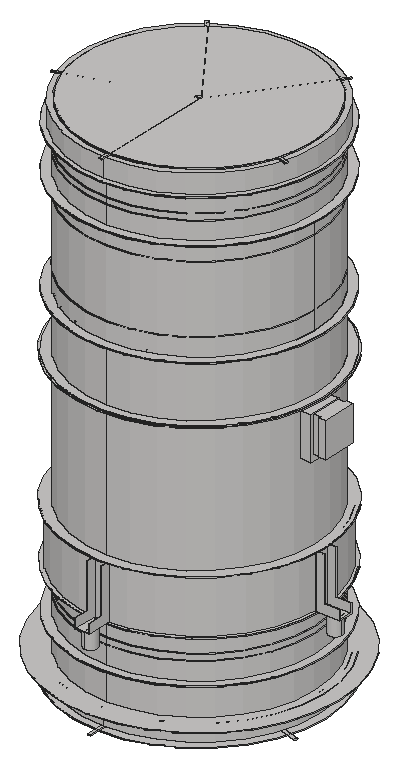
Revit family "HARMANN - REVIT - MAXEE - pionowy", category Wyposażenie mechaniczne, Revit 2025 (continued)
Types (40, lengths in mm): name | Zasilanie natężenie maksymalne Imax | Zasilanie Moc maksymalna Pmax | Zasilanie Częstotliwość Maksymalna fmax | Wysokość FSD | Wysokość FAL | Wysokość | TRA | R2 | Powietrze ciśnienie statyczne maksymalne dPmax | Powietrze Przepływ Maksymalny Qmax | Obroty nominalne nnom | Numer artykułu | N1 | Model | Moc akustyczna nominalna obudowa Lwa | Masa | MAXEE | Lookup Table Name | F | Długość TRA | Długość RVS SPR | Długość RVS | Długość RVK SPR | Długość RVK | Długość EXP od strony tłoczonej SPR | Długość EXP SPR | Długość EXP | Długość RAF SPR | Długość RAF | Długość MR | Długość MAXEE | Długość ESD SPR | Długość ESD | D2 | D | Czy Złącze Elastyczne EXP | Czy Dysza wlotowa ESD | Ciśnienie akustyczne nominalne obudowa Lpa | C | B | Akc SGE dla ESD | Akc SGE | Akc RVS | Akc RVK | Akc EXP | Akc RAF | Akc MR | Akc ESD | A
  MAXEE 315/2/5800T | 1.9 A | 1380 W | 60 Hz | 57.00 | 98.00 | 116.50 | no | 157.50 | 490.0 Pa | 5805.0 m³/h | 3460.000 obr./min | "154413400" | 2 | "MAXEE 315/2/5800T" | "75 dB(A)" | 18.50 kg | HARMANN - MAXEE : MAXEE 315/2/5800T | "MAXEE" | 396.00 | 336.00 | 383.00 | 383.00 | 233.00 | 233.00 | 120.00 | 0.00 | 120.00 | 48.00 | 48.00 | 154.00 | 383.00 | 0.00 | 79.00 | 321.00 | 315.00 | no | no | "68 dB(A)" | 355.00 | 383.00 | HARMANN - Akcesoria - SGE : SGE 355 | HARMANN - Akcesoria - SGE : SGE 315 | HARMANN - Akcesoria - RVS : RVS 315 | HARMANN - Akcesoria - RVK : RVK 315 | HARMANN - Akcesoria - EXP : EXP 315 | HARMANN - Akcesoria - RAF : RAF 315 | HARMANN - Akcesoria - MR : MR 315 | HARMANN - Akcesoria - ESD : ESD 315 | 380.00
  MAXEE 315/4/3900T | 0.7 A | 170 W | 80 Hz | 57.00 | 98.00 | 116.50 | no | 157.50 | 215.0 Pa | 3940.0 m³/h | 2355.000 obr./min | "15413200" | 1 | "MAXEE 315/4/3900T" | "65 dB(A)" | 19.30 kg | HARMANN - MAXEE : MAXEE 315/4/3900T | "MAXEE" | 396.00 | 336.00 | 383.00 | 383.00 | 233.00 | 233.00 | 120.00 | 120.00 | 120.00 | 48.00 | 48.00 | 154.00 | 383.00 | 79.00 | 79.00 | 321.00 | 315.00 | yes | yes | "58 dB(A)" | 355.00 | 383.00 | HARMANN - Akcesoria - SGE : SGE 355 | HARMANN - Akcesoria - SGE : SGE 315 | HARMANN - Akcesoria - RVS : RVS 315 | HARMANN - Akcesoria - RVK : RVK 315 | HARMANN - Akcesoria - EXP : EXP 315 | HARMANN - Akcesoria - RAF : RAF 315 | HARMANN - Akcesoria - MR : MR 315 | HARMANN - Akcesoria - ESD : ESD 315 | 380.00
